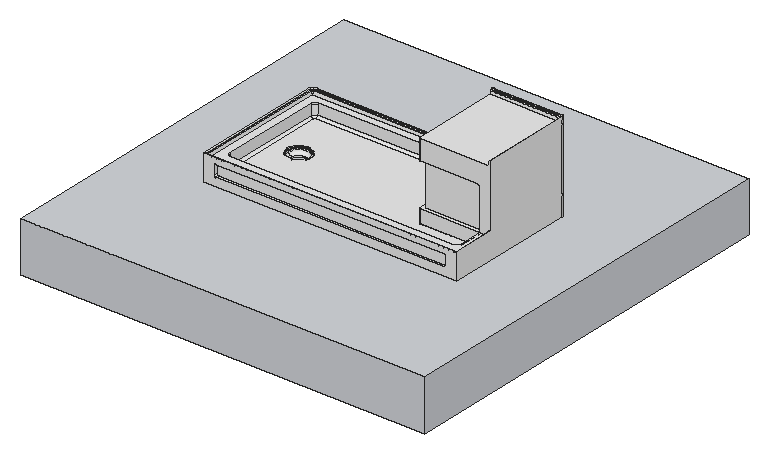
Revit family
Parameters (values of type "Acrylic-0-White")
  Width = 5' - 0"
  Waste Connection = yes
  WFU = 0
  URL = "http://www.us.kohler.com"
  Sanitary Radius = 1 1/2"
  Sanitary Diameter = Sanitary Radius * 2  # 3"
  Sanitary Connector = "Sanitary Connection"  # constant formula
  Product Page URL = "NA"
  Product Documentation Link = "NA"
  Model = "K-1977"  # constant formula
  Manufacturer = "Kohler"  # constant formula
  Length = 2' - 8"
  Height = 1' - 9 1/8"
  Finish = Acrylic-Kohler-0-White
  Description = "Tresham™ 60 inch x 32 inch Receptor with Integral Seat and Left Hand Drain"  # constant formula
  Default Elevation = 0' - 0"
  Created By = "http://www.medialab3dstudio.com/"
  Assembly Code = "D2010710"
  Actual Valve Water Flow = 0 GPM
  ADA Compliant = no
Reference planes (in)
  plane 1 "Center (Front/Back)": y = 0
  plane 2: z = 0
  plane 3 "Center (Left/Right)": x = 0
  plane 4 "Left": x = -30
  plane 5 "Right": x = 30
  plane 6 "Front": y = -16
  plane 7 "Back": y = 16
  plane 8 "Top of Receptor": z = 6.25
  plane 9 "Top": z = 21.125
  plane 10: y = -5.9375
  plane 11: y = 0.875
  plane 12: x = -21
  plane 13: y = -15
  plane 14: y = 0.875
  plane 15: y = -4.9375
  plane 16: y = -15.25
  plane 17: x = -21
Forms (in)
  Extrusion 1, solid
    sketch origin (0, 0, 0) x (1, 0, 0) y (0, 1, 0)
      loop
        line (-48, 48) -> (-48, -48) -> (48, -48) -> (48, 48) -> (-48, 48)
    from 0 to -12
  Extrusion 2, solid, material "Acrylic-Kohler-0-White" <- "Finish"
    sketch origin (0, 0, 0) x (1, 0, 0) y (0, 1, 0)
      loop
        line (-30, -16) -> (30, -16) -> (30, 15.25)
        arc (30, 15.25) -> (29.78033, 15.78033) -> (29.25, 16) r 0.75
        line (29.25, 16) -> (-29.25, 16)
        arc (-29.25, 16) -> (-29.78033, 15.78033) -> (-30, 15.25) r 0.75
        line (-30, 15.25) -> (-30, -16)
    from 4.85296 to 5.0312
  Extrusion 3, void
    sketch origin (0, 0, 0) x (1, 0, 0) y (0, 1, 0)
      loop
        arc (27.51405, 12.54124) -> (27.22116, 13.24835) -> (26.51405, 13.54124) r 1
        line (26.51405, 13.54124) -> (-26.51405, 13.54124)
        arc (-26.51405, 13.54124) -> (-27.22116, 13.24835) -> (-27.51405, 12.54124) r 1
        line (-27.51405, 12.54124) -> (-27.51405, -11.5)
        arc (-27.51405, -11.5) -> (-27.22116, -12.20711) -> (-26.51405, -12.5) r 1
        line (-26.51405, -12.5) -> (26.51405, -12.5)
        arc (26.51405, -12.5) -> (27.22116, -12.20711) -> (27.51405, -11.5) r 1
        line (27.51405, -11.5) -> (27.51405, 12.54124)
    from 4.85296 to 5.0312
  Sweep 4, solid, material "Acrylic-Kohler-0-White" <- "Finish"
    path origin (0, 0, 0) x (1, 0, 0) y (0, 1, 0)
      loop
        arc (-27.51405, -11.5) -> (-27.22116, -12.20711) -> (-26.51405, -12.5) r 1
        line (-26.51405, -12.5) -> (26.51405, -12.5)
        arc (26.51405, -12.5) -> (27.22116, -12.20711) -> (27.51405, -11.5) r 1
        line (27.51405, -11.5) -> (27.51405, 12.54124)
        arc (27.51405, 12.54124) -> (27.22116, 13.24835) -> (26.51405, 13.54124) r 1
        line (26.51405, 13.54124) -> (-26.51405, 13.54124)
        arc (-26.51405, 13.54124) -> (-27.22116, 13.24835) -> (-27.51405, 12.54124) r 1
        line (-27.51405, 12.54124) -> (-27.51405, -11.5)
    profile origin (-27.51405, 0.52062, 0) x (-1, 0, 0) y (0, 0, 1)
      loop
        arc (0, 2.46751) -> (-0.14645, 2.11395) -> (-0.5, 1.96751) r 0.5
        line (-0.5, 1.96751) -> (-0.75, 1.96751) -> (-0.75, 1.84251) -> (-0.5, 1.84251)
        arc (-0.5, 1.84251) -> (-0.05806, 2.02557) -> (0.125, 2.46751) r 0.625
        line (0.125, 2.46751) -> (0.125, 5.0312) -> (0, 5.0312) -> (0, 2.46751)
  Extrusion 5, solid, material "Acrylic-Kohler-0-White" <- "Finish"
    sketch origin (0, 0, 0) x (1, 0, 0) y (0, 1, 0)
      loop
        arc (-26.76405, -11.5) -> (-26.69083, -11.67678) -> (-26.51405, -11.75) r 0.25
        line (-26.51405, -11.75) -> (26.51405, -11.75)
        arc (26.51405, -11.75) -> (26.69083, -11.67678) -> (26.76405, -11.5) r 0.25
        line (26.76405, -11.5) -> (26.76405, 12.54124)
        arc (26.76405, 12.54124) -> (26.69083, 12.71802) -> (26.51405, 12.79124) r 0.25
        line (26.51405, 12.79124) -> (-26.51405, 12.79124)
        arc (-26.51405, 12.79124) -> (-26.69083, 12.71802) -> (-26.76405, 12.54124) r 0.25
        line (-26.76405, 12.54124) -> (-26.76405, -11.5)
    from 1.84251 to 1.96751
  Extrusion 6, void
    sketch origin (-42, 0, 0) x (1, 0, 0) y (0, 1, 0)
      loop
        circle (21, 0.875) r 2.75
    from 1.84243 to 1.96751
  Revolve 7, solid, material "Acrylic-Kohler-0-White" <- "Finish"
    sketch origin (-42, 0.875, 0) x (1, 0, 0) y (0, 0, 1)
      loop
        line (23.75, 1.84251) -> (23.75, 1.59251)
        arc (23.75, 1.59251) -> (23.71245, 1.50186) -> (23.62181, 1.46432) r 0.12819
        arc (23.62181, 1.46432) -> (23.55682, 1.4374) -> (23.5299, 1.37241) r 0.09191
        arc (23.5299, 1.37241) -> (23.27458, 0.75601) -> (22.65818, 0.50069) r 0.87172
        line (22.65818, 0.50069) -> (22.49986, 0.50069) -> (22.49986, 0.37569) -> (22.65818, 0.37569)
        arc (22.65818, 0.37569) -> (23.35193, 0.65675) -> (23.65442, 1.34143) r 0.99672
        arc (23.65442, 1.34143) -> (23.81202, 1.4254) -> (23.875, 1.59251) r 0.25319
        line (23.875, 1.59251) -> (23.875, 1.84251) -> (23.75, 1.84251)
      axis (21, 1.84251) -> (21, 0.37569)
    angle from 0 to 360
  Extrusion 8, solid, material "Acrylic-Kohler-0-White" <- "Finish"
    sketch origin (0, 0, 0) x (1, 0, 0) y (0, 0, 1)
      loop
        line (-30, 4.85296) -> (-30, 0) -> (30, 0) -> (30, 4.85296) -> (-30, 4.85296)
    from 15 to 16
  Sweep 9, solid, material "Acrylic-Kohler-0-White" <- "Finish"
    path origin (0, 0, 0) x (1, 0, 0) y (0, 1, 0)
      loop
        line (30, -5.9375) -> (30, -16) -> (-30, -16) -> (-30, 15.25)
        arc (-30, 15.25) -> (-29.78033, 15.78033) -> (-29.25, 16) r 0.75
        line (-29.25, 16) -> (12.8125, 16)
    profile origin (30, -10.96875, 0) x (1, 0, 0) y (0, 0, 1)
      loop
        arc (-0.00006, 6.25076) -> (-0.1518, 6.1879) -> (-0.21465, 6.03616) r 0.21459
        arc (-0.21465, 6.03616) -> (-0.23691, 5.95721) -> (-0.29626, 5.90057) r 0.15542
        arc (-0.29626, 5.90057) -> (-0.38756, 5.82199) -> (-0.43679, 5.71204) r 0.27653
        line (-0.43679, 5.71204) -> (-0.5642, 5.03202) -> (-0.00006, 5.03202) -> (-0.00006, 6.25076)
  Extrusion 10, solid, material "Acrylic-Kohler-0-White" <- "Finish", not visible
    sketch origin (-42, 0, 0) x (1, 0, 0) y (0, 1, 0)
      loop
        circle (21, 0.875) r 1.5
    from 0.37569 to 0.50069
  Extrusion 11, void
    sketch origin (0, 0, 0) x (1, 0, 0) y (0, 0, 1)
      loop
        arc (27.01405, 1.96751) -> (27.36761, 2.11395) -> (27.51405, 2.46751) r 0.5
        line (27.51405, 2.46751) -> (27.51405, 4.85296) -> (-27.51405, 4.85296) -> (-27.51405, 2.46751)
        arc (-27.51405, 2.46751) -> (-27.36761, 2.11395) -> (-27.01405, 1.96751) r 0.5
        line (-27.01405, 1.96751) -> (27.01405, 1.96751)
    from 15.27426 to 16
  Extrusion 12, solid, material "Acrylic-Kohler-0-White" <- "Finish"
    sketch origin (0, 0, 0) x (-1, 0, 0) y (0, -1, 0)
      loop
        arc (-30, -15.25) -> (-29.78033, -15.78033) -> (-29.25, -16) r 0.75
        line (-29.25, -16) -> (-12.8125, -16) -> (-12.8125, 5.4375)
        arc (-12.8125, 5.4375) -> (-12.95895, 5.79105) -> (-13.3125, 5.9375) r 0.5
        line (-13.3125, 5.9375) -> (-30, 5.9375) -> (-30, -15.25)
    from 0 to 19.90632
  Sweep 13, solid, material "Acrylic-Kohler-0-White" <- "Finish"
    path origin (0, 0, 0) x (-1, 0, 0) y (0, 1, 0)
      loop
        line (-30, -5.9375) -> (-30, 15.25)
        arc (-30, 15.25) -> (-29.78033, 15.78033) -> (-29.25, 16) r 0.75
        line (-29.25, 16) -> (-12.8125, 16)
    profile origin (30, 4.65625, 0) x (-1, 0, 0) y (0, 0, 1)
      loop
        line (0, 21.125) -> (0, 19.90632) -> (0.56395, 19.90632) -> (0.43659, 20.58636)
        arc (0.43659, 20.58636) -> (0.38737, 20.69632) -> (0.29607, 20.77491) r 0.27656
        arc (0.29607, 20.77491) -> (0.23675, 20.83154) -> (0.21452, 20.91048) r 0.15538
        arc (0.21452, 20.91048) -> (0.15169, 21.06217) -> (0, 21.125) r 0.21452
  Extrusion 14, void
    sketch origin (0, 0, 0) x (-1, 0, 0) y (0, 0, -1)
      loop
        line (-27.51405, -5.0312) -> (-27.51405, -14.37817)
        arc (-27.51405, -14.37817) -> (-27.22116, -15.08528) -> (-26.51405, -15.37817) r 1
        line (-26.51405, -15.37817) -> (-12.8125, -15.37817) -> (-12.8125, -5.0312) -> (-27.51405, -5.0312)
    from 4.9375 to 5.9375
  Extrusion 15, void
    sketch origin (0, 0, 0) x (0, 1, 0) y (0, 0, -1)
      loop
        line (-4.9375, -15.37817) -> (12.54124, -15.37817)
        arc (12.54124, -15.37817) -> (13.24835, -15.08528) -> (13.54124, -14.37817) r 1
        line (13.54124, -14.37817) -> (13.54124, -5.0312) -> (-4.9375, -5.0312) -> (-4.9375, -15.37817)
    from -13.8125 to -12.8125
  Extrusion 16, solid, material "Acrylic-Kohler-0-White" <- "Finish"
    sketch origin (0, 0, 0) x (0, 1, 0) y (0, 0, -1)
      loop
        line (-5.9375, -4.85296) -> (-5.9375, 0) -> (-15, 0) -> (-15, -4.85296) -> (-5.9375, -4.85296)
    from -30 to -29
Cuts and joins
  Extrusion 3, Extrusion 6, Extrusion 11, Extrusion 14, Extrusion 15 cuts Extrusion 2
  Extrusion 6, Extrusion 11, Extrusion 14, Extrusion 15 cuts Sweep 4
  Extrusion 6, Extrusion 11, Extrusion 14, Extrusion 15 cuts Extrusion 5
  Extrusion 11 cuts Revolve 7
  Extrusion 11, Extrusion 14, Extrusion 15 cuts Extrusion 8
  Extrusion 11, Extrusion 14, Extrusion 15 cuts Sweep 9
  Extrusion 14, Extrusion 15 cuts Extrusion 12
  joined: Extrusion 2, Sweep 4, Extrusion 5, Revolve 7, Extrusion 8, Sweep 9, Extrusion 12, Sweep 13, Extrusion 16
Lines and regions (in)
  Masking region 1, detail levels coarse
    outline origin (0, 0, 0) x (1, 0, 0) y (0, 1, 0)
      loop
        line (-30, 16) -> (-30, -16) -> (30, -16) -> (30, 16) -> (-30, 16)
  Masking region 2, detail levels medium+fine
    outline origin (0, 0, 0) x (1, 0, 0) y (0, 1, 0)
      loop
        arc (-29.25, 16) -> (-29.78033, 15.78033) -> (-30, 15.25) r 0.75
        line (-30, 15.25) -> (-30, -16) -> (30, -16) -> (30, 15.25)
        arc (30, 15.25) -> (29.78033, 15.78033) -> (29.25, 16) r 0.75
        line (29.25, 16) -> (-29.25, 16)
  Masking region 3, detail levels medium+fine
    outline origin (0, 0, 0) x (1, 0, 0) y (0, 1, 0)
      loop
        line (27.51405, -5.9375) -> (13.3125, -5.9375)
        arc (13.3125, -5.9375) -> (12.95895, -5.79105) -> (12.8125, -5.4375) r 0.5
        line (12.8125, -5.4375) -> (12.8125, 13.54124) -> (-26.51405, 13.54124)
        arc (-26.51405, 13.54124) -> (-27.22116, 13.24835) -> (-27.51405, 12.54124) r 1
        line (-27.51405, 12.54124) -> (-27.51405, -11.5)
        arc (-27.51405, -11.5) -> (-27.22116, -12.20711) -> (-26.51405, -12.5) r 1
        line (-26.51405, -12.5) -> (26.51405, -12.5)
        arc (26.51405, -12.5) -> (27.22116, -12.20711) -> (27.51405, -11.5) r 1
        line (27.51405, -11.5) -> (27.51405, -5.9375)
  Masking region 4, detail levels fine
    outline origin (-42, 0, 0) x (1, 0, 0) y (0, 1, 0)
      loop
        circle (21, 0.875) r 1.5
      loop
        circle (21, 0.875) r 2.875
  Masking region 5, detail levels coarse
    outline origin (0, 0, 0) x (1, 0, 0) y (0, 0, 1)
      loop
        line (-30, 21.125) -> (-30, 0) -> (30, 0) -> (30, 21.125) -> (-30, 21.125)
  Masking region 6, detail levels medium+fine
    outline origin (0, 0, 0) x (1, 0, 0) y (0, 0, 1)
      loop
        line (-30, 0) -> (30, 0) -> (30, 21.125) -> (12.8125, 21.125) -> (12.8125, 6.25) -> (-30, 6.25) -> (-30, 0)
  Masking region 7, detail levels fine
    outline origin (0, -16, 0) x (1, 0, 0) y (0, 0, 1)
      loop
        line (27.51405, 4.85296) -> (-27.51405, 4.85296) -> (-27.51405, 2.46751)
        arc (-27.51405, 2.46751) -> (-27.36761, 2.11395) -> (-27.01405, 1.96751) r 0.5
        line (-27.01405, 1.96751) -> (27.01405, 1.96751)
        arc (27.01405, 1.96751) -> (27.36761, 2.11395) -> (27.51405, 2.46751) r 0.5
        line (27.51405, 2.46751) -> (27.51405, 4.85296)
  Masking region 8, detail levels fine
    outline origin (0, 16, 0) x (1, 0, 0) y (0, 0, 1)
      loop
        line (-27.63905, 4.85296) -> (-27.63905, 2.46751)
        arc (-27.63905, 2.46751) -> (-27.456, 2.02557) -> (-27.01405, 1.84251) r 0.625
        line (-27.01405, 1.84251) -> (12.8125, 1.84251) -> (12.8125, 4.85296) -> (-27.63905, 4.85296)
  Masking region 9, detail levels coarse
    outline origin (0, 0, 0) x (0, 1, 0) y (0, 0, 1)
      loop
        line (-16, 21.125) -> (-16, 0) -> (16, 0) -> (16, 21.125) -> (-16, 21.125)
  Masking region 10, detail levels medium+fine
    outline origin (0, 0, 0) x (0, 1, 0) y (0, 0, 1)
      loop
        line (-5.9375, 21.125) -> (-5.9375, 6.2507) -> (-15.99975, 6.2507) -> (-15.99975, 0.0007) -> (16.00025, 0.0007) -> (16.00025, 21.125) -> (-5.9375, 21.125)
  Masking region 11, detail levels fine
    outline origin (-30, 0, 0) x (0, 1, 0) y (0, 0, 1)
      loop
        line (-5.9375, 15.37817) -> (-5.9375, 6.25) -> (13.54124, 6.25) -> (13.54124, 14.37817)
        arc (13.54124, 14.37817) -> (13.24835, 15.08528) -> (12.54124, 15.37817) r 1
        line (12.54124, 15.37817) -> (-5.9375, 15.37817)
  Masking region 12, detail levels fine
    outline origin (-30, 0, 0) x (0, 1, 0) y (0, 0, 1)
      loop
        line (13.66624, 2.46751) -> (13.66624, 4.85296) -> (-11.86154, 4.85296) -> (-11.86154, 2.46751)
        arc (-11.86154, 2.46751) -> (-11.67848, 2.02557) -> (-11.23654, 1.84251) r 0.625
        line (-11.23654, 1.84251) -> (13.04124, 1.84251)
        arc (13.04124, 1.84251) -> (13.48318, 2.02557) -> (13.66624, 2.46751) r 0.625
  Masking region 13, detail levels fine
    outline origin (0, -16, 0) x (-1, 0, 0) y (0, 0, 1)
      loop
        line (-12.8125, 15.37817) -> (-26.51405, 15.37817)
        arc (-26.51405, 15.37817) -> (-27.22116, 15.08528) -> (-27.51405, 14.37817) r 1
        line (-27.51405, 14.37817) -> (-27.51405, 6.2507) -> (-12.8125, 6.2507) -> (-12.8125, 15.37817)
  symbolic lines, style "Masking Lines", detail levels fine
    curve 1: line (12.8125, 13.54124, 0) -> (12.8125, 16, 0)
    curve 2: line (30, -5.9375, 0) -> (27.51405, -5.9375, 0)
    curve 3: line (-27.51405, -16, 6.2507) -> (-29.99975, -16, 6.2507)
    curve 4: line (-27.51405, -16, 4.85296) -> (-30, -16, 4.85296)
    curve 5: line (27.51405, -16, 4.85296) -> (30, -16, 4.85296)
    curve 6: line (-12.8125, 16, 6.2507) -> (-29.99975, 16, 6.2507)
    curve 7: line (12.8125, 16, 4.85296) -> (-29.99981, 16, 4.85296)
    curve 8: line (-30, -15, 4.85296) -> (-30, -15, 0)
    curve 9: line (0, 15.43605, 19.90632) -> (0, -5.9375, 19.90632)
    curve 10: line (-30, 15.56341, 20.58636) -> (-30, 15.43605, 19.90632)
    curve 11: arc (-30, 15.56341, 20.58636) -> (-30, 15.61263, 20.69632) -> (-30, 15.70393, 20.77491) r 0.27656
    curve 12: arc (-30, 15.70393, 20.77491) -> (-30, 15.76325, 20.83154) -> (-30, 15.78548, 20.91048) r 0.15538
    curve 13: arc (-30, 15.78548, 20.91048) -> (-30, 15.84831, 21.06217) -> (-30, 16, 21.125) r 0.21452
    curve 14: line (-30, 15.78548, 20.91048) -> (-30, -5.9375, 20.91048)
    curve 15: line (-30, 15.70393, 20.77491) -> (-30, -5.9375, 20.77491)
    curve 16: line (-30, 15.56341, 20.58636) -> (-30, -5.9375, 20.58636)
    curve 17: line (30, -5.9375, 6.2507) -> (30, -5.9375, 4.85296)
    curve 18: line (-30, 13.54124, 6.25) -> (-30, 16.00025, 6.25)
    curve 19: line (-30, 3.75, 1.84251) -> (-30, 3.75, 1.59251)
    curve 20: arc (-30, 3.52942, 1.34143) -> (-30, 3.68702, 1.4254) -> (-30, 3.75, 1.59251) r 0.25319
    curve 21: line (-30, 2.5381, 0.37569) -> (-30, -0.7881, 0.37569)
    curve 22: arc (-30, 2.5381, 0.37569) -> (-30, 3.23008, 0.65703) -> (-30, 3.52942, 1.34143) r 0.99166
    curve 23: line (-30, -2, 1.84251) -> (-30, -2, 1.59251)
    curve 24: arc (-30, -1.77942, 1.34143) -> (-30, -1.93702, 1.4254) -> (-30, -2, 1.59251) r 0.25319
    curve 25: arc (-30, -0.7881, 0.37569) -> (-30, -1.48008, 0.65703) -> (-30, -1.77942, 1.34143) r 0.99166
    curve 26: line (-23.875, 16, 1.84251) -> (-23.875, 16, 1.63415)
    curve 27: arc (-23.65442, 16, 1.34143) -> (-23.8254, 16, 1.44205) -> (-23.875, 16, 1.63415) r 0.25897
    curve 28: arc (-23.65442, 16, 1.34143) -> (-23.29117, 16, 0.60279) -> (-22.5, 16, 0.37569) r 1.01591
    curve 29: line (-18.125, 16, 1.84251) -> (-18.125, 16, 1.63415)
    curve 30: arc (-18.34558, 16, 1.34143) -> (-18.1746, 16, 1.44205) -> (-18.125, 16, 1.63415) r 0.25897
    curve 31: arc (-18.34558, 16, 1.34143) -> (-18.70883, 16, 0.60279) -> (-19.5, 16, 0.37569) r 1.01591
    curve 32: line (-19.5, 16, 0.37569) -> (-22.5, 16, 0.37569)
    curve 33: line (13.8125, -16, 15.37817) -> (13.8125, -16, 6.2507)
    curve 34: line (12.8125, 0, 19.90632) -> (29.43605, 0, 19.90632)
    curve 35: line (29.43605, -16, 19.90632) -> (29.56341, -16, 20.58636)
    curve 36: arc (29.56341, -16, 20.58636) -> (29.61263, -16, 20.69632) -> (29.70393, -16, 20.77491) r 0.27656
    curve 37: arc (29.70393, -16, 20.77491) -> (29.76325, -16, 20.83154) -> (29.78548, -16, 20.91048) r 0.15538
    curve 38: arc (29.78548, -16, 20.91048) -> (29.84831, -16, 21.06217) -> (30, -16, 21.125) r 0.21452
    curve 39: line (12.8125, -16, 20.91048) -> (29.78548, -16, 20.91048)
    curve 40: line (12.8125, -16, 20.77491) -> (29.70393, -16, 20.77491)
    curve 41: line (12.8125, -16, 20.58636) -> (29.56341, -16, 20.58636)
    curve 42: line (-30, 13.66624, 4.85296) -> (-30, 16, 4.85296)
    curve 43: line (-30, -15, 4.85296) -> (-30, -11.86154, 4.85296)
    curve 44: line (30, -5.9375, 4.85296) -> (30, -16, 4.85296)
    curve 45: line (12.8125, 16, 1.84251) -> (12.8125, 16, 0)
    curve 46: line (27.51405, -16, 6.2507) -> (29.99993, -16, 6.2507)
    curve 47: line (30, 15.43605, 19.90632) -> (30, 16, 19.90632)
    curve 48: line (-30, -4.9375, 15.37817) -> (-30, -4.9375, 6.25)
    curve 49: line (29.43605, 16, 19.90632) -> (30, 16, 19.90632)
Dimensions and locks (in)
  equal spacing: plane 4 "Left", plane 3 "Center (Left/Right)", plane 5 "Right"
  equal spacing: plane 6 "Front", plane 1 "Center (Front/Back)", plane 7 "Back"
  "Width": plane 4 "Left" to plane 5 "Right"
  "Length": plane 6 "Front" to plane 7 "Back"
  "Height": plane 9 "Top" to plane 2
  aligned and locked: plane 2 to Extrusion 1
  aligned and locked: level to Extrusion 1
  aligned and locked: Sweep 4 to Extrusion 6
  aligned and locked: plane 6 "Front" to Extrusion 8
  aligned and locked: plane 13 to Extrusion 8
  aligned and locked: plane 7 "Back" to Masking region 1 sketch curve
  aligned and locked: plane 4 "Left" to Masking region 1 sketch curve
  aligned and locked: Masking region 1 sketch curve to plane 6 "Front"
  aligned and locked: Masking region 1 sketch curve to plane 5 "Right"
  aligned and locked: plane 7 "Back" to Masking region 2 sketch curve
  aligned and locked: plane 4 "Left" to Masking region 2 sketch curve
  aligned and locked: Masking region 2 sketch curve to plane 6 "Front"
  aligned and locked: Masking region 2 sketch curve to plane 5 "Right"
  aligned and locked: plane 4 "Left" to Masking region 5 sketch curve
  aligned and locked: plane 9 "Top" to Masking region 5 sketch curve
  aligned and locked: Masking region 5 sketch curve to plane 5 "Right"
  aligned and locked: plane 2 to Masking region 5 sketch curve
  aligned and locked: plane 9 "Top" to Masking region 9 sketch curve
  aligned and locked: Masking region 9 sketch curve to plane 6 "Front"
  aligned and locked: plane 2 to Masking region 9 sketch curve
Automatic sketch dimensions
  Extrusion 1 sketch curve to Extrusion 1 sketch curve = 8' - 0"  (x2)
  plane 11 to Extrusion 6 sketch curve = 0' - 0"
  Extrusion 6 sketch curve to plane 12 = 0' - 0"
  plane 14 to Extrusion 10 sketch curve = 0' - 0"
  Extrusion 10 sketch curve to plane 17 = 0' - 0"
  Masking region 4 sketch curve to Masking region 4 sketch curve = 0' - 0"  (x12)
  Masking region 4 sketch curve to plane 17 = 0' - 0"
  Masking region 4 sketch curve to plane 17 = 0' - 1 1/2"
  Masking region 4 sketch curve to Masking region 4 sketch curve = 0' - 1 3/8"
  Masking region 4 sketch curve to plane 1 "Center (Front/Back)" = 0' - 0 7/8"
  Extrusion 2 sketch curve to plane 4 "Left" = 0' - 0"
  plane 7 "Back" to Extrusion 2 sketch curve = 0' - 0"
  Extrusion 2 sketch curve to plane 5 "Right" = 0' - 0"
  plane 6 "Front" to Extrusion 2 sketch curve = 0' - 0"
  Extrusion 2 sketch curve to plane 5 "Right" = 0' - 0 3/4"
  Extrusion 3 sketch curve to Extrusion 3 sketch curve = 0' - 1"  (x3)
  Extrusion 3 sketch curve to plane 5 "Right" = 0' - 3.48595"  (x2)
  plane 13 to Extrusion 3 sketch curve = 0' - 2 1/2"
  plane 7 "Back" to Extrusion 3 sketch curve = 0' - 3.45876"
  Sweep 4 sketch curve to Sweep 4 sketch curve = 0' - 1"  (x3)
  Sweep 4 sketch curve to plane 5 "Right" = 0' - 3.48595"  (x2)
  plane 13 to Sweep 4 sketch curve = 0' - 2 1/2"
  plane 7 "Back" to Sweep 4 sketch curve = 0' - 3.45876"
  Sweep 4 sketch curve to Sweep 4 sketch curve = 0' - 0"  (x2)
  Sweep 4 sketch curve to profile plane = 0' - 0"
  Sweep 4 sketch curve to Sweep 4 sketch curve = 0' - 0 1/2"
  Sweep 4 sketch curve to Sweep 4 sketch curve = 0' - 0 1/4"
  Sweep 4 sketch curve to profile plane = 0' - 0 1/8"
  level to Sweep 4 sketch curve = 0' - 1.84251"
  Sweep 4 sketch curve to Sweep 4 sketch curve = 0' - 2.56369"
  Extrusion 5 sketch curve to Extrusion 5 sketch curve = 0' - 0 1/4"  (x3)
  Extrusion 5 sketch curve to plane 5 "Right" = 0' - 3.48595"  (x2)
  plane 13 to Extrusion 5 sketch curve = 0' - 3 1/4"
  plane 7 "Back" to Extrusion 5 sketch curve = 0' - 3.45876"
  Revolve 7 sketch curve to Revolve 7 sketch curve = 0' - 0"  (x5)
  Revolve 7 sketch curve to plane 17 = 0' - 0"
  level to Revolve 7 sketch curve = 0' - 0.37569"
  plane 17 to Revolve 7 sketch curve = 0' - 1.49986"
  Revolve 7 sketch curve to Revolve 7 sketch curve = 0' - 0.15832"
  Revolve 7 sketch curve to Revolve 7 sketch curve = 0' - 0.87172"
  Revolve 7 sketch curve to Revolve 7 sketch curve = 0' - 0.09191"
  Revolve 7 sketch curve to Revolve 7 sketch curve = 0' - 0.03261"
  Revolve 7 sketch curve to Revolve 7 sketch curve = 0' - 0.12819"
  Revolve 7 sketch curve to Revolve 7 sketch curve = 0' - 0 1/8"  (x2)
  Revolve 7 sketch curve to level = 0' - 0.53249"
  Revolve 7 sketch curve to Revolve 7 sketch curve = 0' - 0 1/4"
  Revolve 7 sketch curve to Revolve 7 sketch curve = 0' - 0.5951"
  Extrusion 8 sketch curve to level = 0' - 0"
  Extrusion 8 sketch curve to plane 4 "Left" = 0' - 0"
  Extrusion 8 sketch curve to plane 5 "Right" = 0' - 0"
  plane 8 "Top of Receptor" to Extrusion 8 sketch curve = 0' - 1.39704"
  Sweep 9 sketch curve to plane 4 "Left" = 0' - 0"
  plane 7 "Back" to Sweep 9 sketch curve = 0' - 0"
  Sweep 9 sketch curve to plane 5 "Right" = 0' - 0"
  plane 6 "Front" to Sweep 9 sketch curve = 0' - 0"
  plane 10 to Sweep 9 sketch curve = 0' - 0"
  plane 3 "Center (Left/Right)" to Sweep 9 sketch curve = 1' - 0 13/16"
  profile plane to Sweep 9 sketch curve = 0' - 0.5642"
  profile plane to Sweep 9 sketch curve = 0' - 0.43679"
  Sweep 9 sketch curve to Sweep 9 sketch curve = 0' - 0.06672"
  Sweep 9 sketch curve to Sweep 9 sketch curve = 0' - 0.07382"
  Sweep 9 sketch curve to Sweep 9 sketch curve = 0' - 0.15542"
  profile plane to Sweep 9 sketch curve = 0' - 0.16585"
  profile plane to Sweep 9 sketch curve = 0' - 0.00006"
  level to Sweep 9 sketch curve = 0' - 5.03202"
  Sweep 9 sketch curve to Sweep 9 sketch curve = 0' - 0.6247"
  Sweep 9 sketch curve to Sweep 9 sketch curve = 0' - 0.05532"
  Sweep 9 sketch curve to Sweep 9 sketch curve = 0' - 0.13559"
  Extrusion 11 sketch curve to Extrusion 11 sketch curve = 0' - 0 1/2"  (x2)
  Extrusion 11 sketch curve to plane 5 "Right" = 0' - 2.98595"
  level to Extrusion 11 sketch curve = 0' - 1.96751"
  plane 8 "Top of Receptor" to Extrusion 11 sketch curve = 0' - 1.39704"
  Masking region 2 sketch curve to plane 5 "Right" = 0' - 0 3/4"
  Masking region 6 sketch curve to level = 0' - 0"
  Masking region 6 sketch curve to plane 4 "Left" = 0' - 0"
  Masking region 6 sketch curve to plane 9 "Top" = 0' - 0"
  Masking region 6 sketch curve to plane 8 "Top of Receptor" = 0' - 0"
  Masking region 6 sketch curve to plane 5 "Right" = 0' - 0"
  plane 3 "Center (Left/Right)" to Masking region 6 sketch curve = 1' - 0 13/16"
  curve 4 to plane 4 "Left" = 0' - 0"
  curve 5 to plane 5 "Right" = 0' - 0"
  curve 38 to plane 5 "Right" = 0' - 0"
  curve 38 to plane 9 "Top" = 0' - 0"
  plane 4 "Left" to curve 3 = 0' - 0.00025"
  curve 3 to plane 8 "Top of Receptor" = 0' - 0.0007"
  curve 3 to curve 4 = 0' - 0"
  plane 9 "Top" to curve 41 = 0' - 0.53864"
  plane 3 "Center (Left/Right)" to curve 41 = 1' - 0 13/16"
  curve 40 to curve 41 = 0' - 0"
  curve 39 to curve 40 = 0' - 0"
  curve 33 to plane 8 "Top of Receptor" = 0' - 0.0007"
  curve 5 to plane 5 "Right" = 0' - 2.48595"
  curve 36 to plane 5 "Right" = 0' - 0.43659"
  curve 35 to curve 37 = 0' - 0.0667"
  curve 37 to curve 36 = 0' - 0.07382"
  curve 37 to curve 37 = 0' - 0.15537"
  curve 36 to plane 5 "Right" = 0' - 0.16562"
  plane 8 "Top of Receptor" to curve 5 = 0' - 1.39704"
  plane 8 "Top of Receptor" to curve 4 = 0' - 1.39704"
  curve 33 to curve 41 = 0' - 5.20819"
  curve 35 to curve 36 = 0' - 0.68004"
  curve 36 to curve 35 = 0' - 0.05531"
  Masking region 9 sketch curve to plane 7 "Back" = 0' - 0"
  Masking region 10 sketch curve to plane 10 = 0' - 0"
  plane 9 "Top" to Masking region 10 sketch curve = 0' - 0"
  Masking region 10 sketch curve to plane 6 "Front" = 0' - 0.00025"
  Masking region 10 sketch curve to plane 7 "Back" = 0' - 0.00025"
  Masking region 10 sketch curve to plane 8 "Top of Receptor" = 0' - 0.0007"
  level to Masking region 10 sketch curve = 0' - 0.0007"
  Extrusion 12 sketch curve to plane 5 "Right" = 0' - 0"
  plane 7 "Back" to Extrusion 12 sketch curve = 0' - 0"
  plane 10 to Extrusion 12 sketch curve = 0' - 0"
  plane 5 "Right" to Extrusion 12 sketch curve = 0' - 0 3/4"
  plane 10 to Extrusion 12 sketch curve = 0' - 0 1/2"
  Extrusion 12 sketch curve to plane 3 "Center (Left/Right)" = 1' - 1 5/16"
  Sweep 13 sketch curve to plane 5 "Right" = 0' - 0"
  plane 7 "Back" to Sweep 13 sketch curve = 0' - 0"
  plane 10 to Sweep 13 sketch curve = 0' - 0"
  plane 5 "Right" to Sweep 13 sketch curve = 0' - 0 3/4"
  Sweep 13 sketch curve to plane 3 "Center (Left/Right)" = 1' - 0 13/16"
  Sweep 13 sketch curve to profile plane = 0' - 0"
  Sweep 13 sketch curve to profile plane = 0' - 0.16562"
  Sweep 13 sketch curve to Sweep 13 sketch curve = 0' - 0.21452"
  Sweep 13 sketch curve to Sweep 13 sketch curve = 0' - 0.08155"
  Sweep 13 sketch curve to Sweep 13 sketch curve = 0' - 0.15537"
  Sweep 13 sketch curve to Sweep 13 sketch curve = 0' - 0.14052"
  Sweep 13 sketch curve to profile plane = 0' - 0.56395"
  level to Sweep 13 sketch curve = 1' - 7.90632"
  Sweep 13 sketch curve to Sweep 13 sketch curve = 0' - 0.62473"
  Sweep 13 sketch curve to Sweep 13 sketch curve = 0' - 0.05531"
  Sweep 13 sketch curve to Sweep 13 sketch curve = 0' - 0.13557"
  Extrusion 14 sketch curve to plane 8 "Top of Receptor" = 0' - 1.2188"
  plane 5 "Right" to Extrusion 14 sketch curve = 0' - 2.48595"
  Extrusion 14 sketch curve to Extrusion 14 sketch curve = 0' - 1"
  Extrusion 14 sketch curve to Extrusion 14 sketch curve = 0' - 0"
  Extrusion 14 sketch curve to plane 3 "Center (Left/Right)" = 1' - 0 13/16"
  Extrusion 14 sketch curve to plane 9 "Top" = 0' - 6.74683"
  Extrusion 15 sketch curve to plane 15 = 0' - 0"
  plane 7 "Back" to Extrusion 15 sketch curve = 0' - 3.45876"
  plane 8 "Top of Receptor" to Extrusion 15 sketch curve = 0' - 1.2188"
  plane 7 "Back" to Extrusion 15 sketch curve = 0' - 2.45876"
  plane 9 "Top" to Extrusion 15 sketch curve = 0' - 6.74683"
  Extrusion 16 sketch curve to plane 13 = 0' - 0"
  Extrusion 16 sketch curve to level = 0' - 0"
  Extrusion 16 sketch curve to plane 10 = 0' - 0"
  plane 8 "Top of Receptor" to Extrusion 16 sketch curve = 0' - 1.39704"
  Masking region 13 sketch curve to plane 8 "Top of Receptor" = 0' - 0.0007"
  Masking region 13 sketch curve to plane 5 "Right" = 0' - 2.48595"
  Masking region 13 sketch curve to Masking region 13 sketch curve = 0' - 1"
  plane 9 "Top" to Masking region 13 sketch curve = 0' - 5.74683"
  plane 3 "Center (Left/Right)" to Masking region 13 sketch curve = 1' - 0 13/16"
  Extrusion 2 sketch curve to Extrusion 2 sketch curve = 0' - 0 3/4"
  plane 4 "Left" to Extrusion 3 sketch curve = 0' - 3.48595"
  plane 4 "Left" to Sweep 4 sketch curve = 0' - 3.48595"
  plane 4 "Left" to Extrusion 5 sketch curve = 0' - 3.48595"
  plane 4 "Left" to Sweep 9 sketch curve = 0' - 0 3/4"
  plane 4 "Left" to Extrusion 11 sketch curve = 0' - 2.98595"
  plane 4 "Left" to Masking region 2 sketch curve = 0' - 0 3/4"
  plane 4 "Left" to curve 4 = 0' - 2.48595"
  plane 13 to Masking region 12 sketch curve = 0' - 3.13846"
  Masking region 12 sketch curve to Masking region 12 sketch curve = 0' - 0 5/8"  (x2)
  plane 7 "Back" to Masking region 12 sketch curve = 0' - 2.95876"
  level to Masking region 12 sketch curve = 0' - 1.84251"
  plane 8 "Top of Receptor" to Masking region 12 sketch curve = 0' - 1.39704"
  plane 1 "Center (Front/Back)" to curve 23 = 0' - 2"
  curve 23 to curve 24 = 0' - 0.22058"
  curve 25 to curve 24 = 0' - 0.03261"
  plane 1 "Center (Front/Back)" to curve 25 = 0' - 0.7881"
  level to curve 22 = 0' - 0.37569"
  curve 22 to plane 1 "Center (Front/Back)" = 0' - 2.5381"
  curve 22 to curve 20 = 0' - 0.95871"
  curve 20 to curve 22 = 0' - 0.03261"
  curve 20 to curve 20 = 0' - 0.25319"
  level to curve 24 = 0' - 1.34143"
  level to curve 20 = 0' - 1.34143"
  curve 19 to curve 19 = 0' - 0 1/4"
  curve 24 to curve 23 = 0' - 0 1/4"
  plane 8 "Top of Receptor" to curve 18 = 0' - 0"
  plane 7 "Back" to curve 18 = 0' - 2.45876"
  curve 18 to plane 7 "Back" = 0' - 0.00025"
  curve 8 to level = 0' - 0"
  curve 16 to plane 10 = 0' - 0"
  curve 14 to plane 10 = 0' - 0"
  curve 15 to plane 10 = 0' - 0"
  curve 13 to plane 7 "Back" = 0' - 0"
  plane 9 "Top" to curve 13 = 0' - 0"
  curve 11 to curve 12 = 0' - 0.0667"
  curve 12 to curve 12 = 0' - 0.07382"
  curve 12 to curve 13 = 0' - 0.15537"
  plane 7 "Back" to curve 11 = 0' - 0.16562"
  curve 11 to curve 13 = 0' - 0.37943"
  curve 11 to curve 10 = 0' - 0.05531"
  curve 16 to curve 15 = 0' - 0.18856"
  plane 8 "Top of Receptor" to curve 8 = 0' - 1.39704"
  curve 42 to plane 7 "Back" = 0' - 0"
  curve 18 to curve 42 = 0' - 0 1/8"
  plane 8 "Top of Receptor" to curve 42 = 0' - 1.39704"
  curve 43 to plane 13 = 0' - 0"
  plane 13 to curve 43 = 0' - 3.13846"
  Masking region 11 sketch curve to plane 10 = 0' - 0"
  plane 8 "Top of Receptor" to Masking region 11 sketch curve = 0' - 0"
  plane 7 "Back" to Masking region 11 sketch curve = 0' - 3.45876"
  plane 7 "Back" to Masking region 11 sketch curve = 0' - 2.45876"
  plane 9 "Top" to Masking region 11 sketch curve = 0' - 6.74683"
  plane 4 "Left" to Masking region 7 sketch curve = 0' - 2.48595"
  Masking region 7 sketch curve to Masking region 7 sketch curve = 0' - 0 1/2"  (x2)
  Masking region 7 sketch curve to plane 5 "Right" = 0' - 2.98595"
  level to Masking region 7 sketch curve = 0' - 1.96751"
  plane 8 "Top of Receptor" to Masking region 7 sketch curve = 0' - 1.39704"
  plane 8 "Top of Receptor" to curve 7 = 0' - 1.39704"
  plane 3 "Center (Left/Right)" to curve 7 = 1' - 0 13/16"
  curve 6 to plane 8 "Top of Receptor" = 0' - 0.0007"
  plane 17 to curve 6 = 0' - 8 3/16"
  level to curve 29 = 0' - 1.63415"
  plane 17 to curve 29 = 0' - 2 7/8"
  curve 31 to curve 29 = 0' - 0.22058"
  curve 30 to curve 31 = 0' - 0.03584"
  curve 31 to curve 30 = 0' - 0.97926"
  level to curve 31 = 0' - 0.37569"
  curve 31 to curve 31 = 0' - 0.13932"
  curve 32 to plane 17 = 0' - 1 1/2"
  curve 28 to curve 28 = 0' - 0.13932"
  curve 27 to curve 28 = 0' - 0.97926"
  curve 28 to curve 27 = 0' - 0.03584"
  curve 26 to curve 27 = 0' - 0.25642"
  plane 4 "Left" to curve 6 = 0' - 0.00025"
  plane 4 "Left" to curve 7 = 0' - 0.00019"
  curve 30 to curve 29 = 0' - 0.29272"
  level to curve 27 = 0' - 1.34143"
  curve 28 to curve 27 = 0' - 0.25648"
  curve 26 to curve 26 = 0' - 0.20836"
  curve 30 to curve 29 = 0' - 0.20836"
  plane 4 "Left" to Masking region 8 sketch curve = 0' - 2.36095"
  Masking region 8 sketch curve to Masking region 8 sketch curve = 0' - 0 5/8"
  level to Masking region 8 sketch curve = 0' - 1.84251"
  plane 3 "Center (Left/Right)" to Masking region 8 sketch curve = 1' - 0 13/16"
  plane 8 "Top of Receptor" to Masking region 8 sketch curve = 0' - 1.39704"
  curve 45 to level = 0' - 0"
  curve 7 to curve 45 = 0' - 0"
  level to curve 45 = 0' - 1.84251"
  curve 46 to plane 8 "Top of Receptor" = 0' - 0.0007"
  curve 46 to curve 5 = 0' - 0"
  curve 46 to plane 5 "Right" = 0' - 0.00007"
  plane 10 to Masking region 3 sketch curve = 0' - 0"
  plane 4 "Left" to Masking region 3 sketch curve = 0' - 2.48595"
  Masking region 3 sketch curve to Masking region 3 sketch curve = 0' - 1"  (x2)
  Masking region 3 sketch curve to plane 10 = 0' - 0 1/2"
  plane 3 "Center (Left/Right)" to Masking region 3 sketch curve = 1' - 0 13/16"
  Masking region 3 sketch curve to plane 5 "Right" = 0' - 3.48595"
  Masking region 3 sketch curve to plane 5 "Right" = 0' - 2.48595"
  plane 13 to Masking region 3 sketch curve = 0' - 3 1/2"
  plane 7 "Back" to Masking region 3 sketch curve = 0' - 3.45876"
  plane 7 "Back" to curve 1 = 0' - 0"
  plane 10 to curve 2 = 0' - 0"
  curve 2 to plane 5 "Right" = 0' - 0"
  curve 2 to plane 5 "Right" = 0' - 2.48595"
  plane 7 "Back" to curve 1 = 0' - 2.45876"
  plane 3 "Center (Left/Right)" to curve 1 = 1' - 0 13/16"
  curve 44 to plane 6 "Front" = 0' - 0"
  curve 17 to plane 10 = 0' - 0"
  plane 8 "Top of Receptor" to curve 44 = 0' - 1.39704"
  curve 17 to plane 8 "Top of Receptor" = 0' - 0.0007"
  curve 47 to plane 7 "Back" = 0' - 0"
  plane 7 "Back" to curve 47 = 0' - 0.56395"
  plane 9 "Top" to curve 47 = 0' - 1.21868"
  plane 7 "Back" to curve 10 = 0' - 0.56395"
  curve 10 to curve 10 = 0' - 0.68004"
  curve 9 to plane 10 = 0' - 0"
  plane 7 "Back" to curve 9 = 0' - 0.56395"
  plane 9 "Top" to curve 9 = 0' - 1.21868"
  plane 8 "Top of Receptor" to curve 48 = 0' - 0"
  curve 48 to plane 15 = 0' - 0"
  curve 48 to curve 16 = 0' - 5.20819"
  curve 41 to curve 33 = 0' - 1"
  curve 35 to plane 5 "Right" = 0' - 0.56395"
  plane 9 "Top" to curve 34 = 0' - 1.21868"
  plane 3 "Center (Left/Right)" to curve 34 = 1' - 0 13/16"
  curve 34 to plane 5 "Right" = 0' - 0.56395"
  curve 49 to plane 5 "Right" = 0' - 0"
  curve 49 to curve 49 = 0' - 0.56395"
  plane 9 "Top" to curve 49 = 0' - 1.21868"
  radius of Extrusion 6 sketch curve = 0' - 2 3/4"
  radius of Extrusion 10 sketch curve = 0' - 1 1/2"
Connectors (in)
  piping at (-21, 0.875, 0.37569), driven by "Actual Valve Water Flow", driven by "Sanitary Radius", driven by "Waste Connection", driven by "Sanitary Connector", driven by "WFU"
    settings: on Extrusion 10, index 1, connector radius 1 1/2", flow factor 0, pipe flow 0 GPM, pressure drop 0.00 psi, fitting loss kfactor 0, connector angle 0.00°, fixture units 0, flow configuration 3, flow direction 2, fitting loss method 0, system type 16, connector reference index -1, connector utility 1, adjustable connector yes, is connector primary yes, fitting loss table "", connector description "Sanitary Connection"
